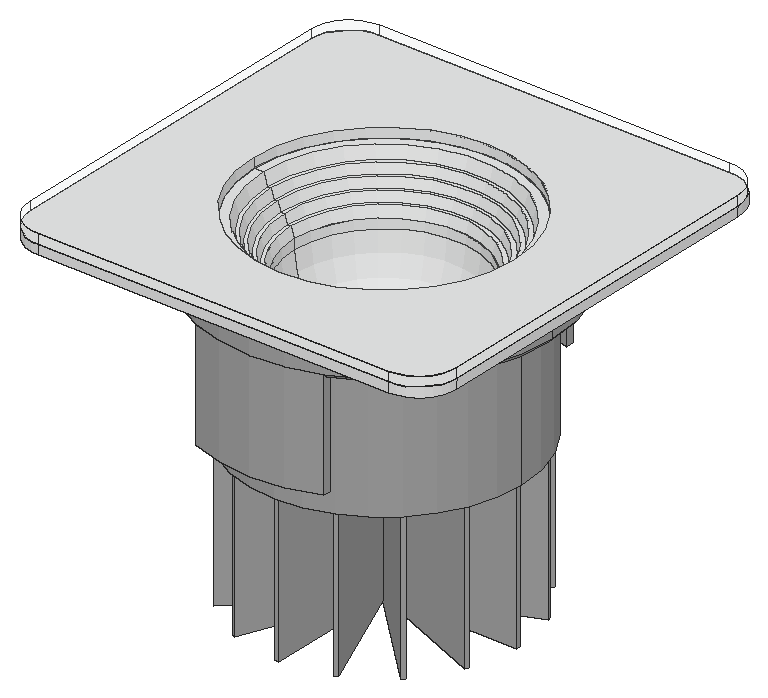
Revit family "Lighting_Fixture-Ceiling-Astro-Vetro_Squarexxx", category Lighting Fixtures, host Face, Revit 2014
Parameters (values of type "5668 Vetro Square")
  Width = 90.00 mm
  Weight = "0.4kg"
  Wattage Comments = "10w"
  Wattage = 9.2903 W
  built-in parameter 1150110 = 1 (stored number, unit not read)
  Voltage = 230 V
  URL = "www.astrolighting.co.uk"
  Type Comments = "Dimmable if a dimmable driver is used. Cutout size to fit: 80mm diameter. Leave 150mm void around the product. Not suitable for covering with insulation. Requires a 350mA constant current driver, not included."
  built-in parameter 1114217 = 1 (stored number, unit not read)
  Tilt Angle = 90.00°
  built-in parameter 1150109 = 1 (stored number, unit not read)
  built-in parameter 1150134 = 3
  built-in parameter 1150113 = 1 (stored number, unit not read)
  Suitable for bathroom zone = "Zones 1, 2 and 3"
  Product Documentation = "http://www.astrolighting.co.uk/products/led-lighting/downlights/5668_Vetro-Square"
  Photometric Web File = "5668 VETRO SINGLE SQUARE.ies"
  Number of Poles = 1
  Mountable on normally flammable surfaces = "Yes"
  Model = "5668 Vetro Square"
  Manufacturer = "Astro Lighting Ltd, CM20 2DP"
  built-in parameter 1150105 = 109.82 (stored number, unit not read)
  Lumens = 1380 lm
  Luminaire Lamp Efficiency Rating = "-A"
  built-in parameter 1150115 = 1 (stored number, unit not read)
  built-in parameter 1150137 = (empty or 0)
  built-in parameter 1150139 = (empty or 0)
  Length = 90.00 mm
  built-in parameter 1150112 = 1 (stored number, unit not read)
  built-in parameter 1150114 = 1 (stored number, unit not read)
  Lamp included = "Yes"
  Lamp = "LED"
  built-in parameter 1150132 = (empty or 0)
  built-in parameter 1150102 = (empty or 0)
  built-in parameter 1150107 = 3200 (stored number, unit not read)
  built-in parameter 1150138 = (empty or 0)
  built-in parameter 1150106 = 1.0982 (stored number, unit not read)
  IP Rating = "IP65"
  Energy Efficiency Rating = ""
  built-in parameter 1150104 = 13.8 (stored number, unit not read)
  Dimming Lamp Color Temperature Shift = <None>
  Dimmable = "Yes"
  Description = "Downlight"
  Default Elevation = 1219.20 mm
  Cutout Depth into Ceiling [instance] = 75.00 mm
  Color Filter = 16777215
  Class = 3
  Casing Material = Astro - Aluminium - White
  built-in parameter 1114218 = 1 (stored number, unit not read)
  built-in parameter 1150133 = 10 (stored number, unit not read)
  Manufacturer Contact = "01279 427001"
  Assembly Code = "D5020200"
  Apparent Load = 12.33 VA
Reference planes
  plane 1 "Center (Front/Back)": y = 0
  plane 2: z = 0
  plane 3 "Center (Left/Right)": x = 0
  plane 4 "Light Source Elevation": z = -26
  plane 5 "Left": x = -45
  plane 6 "Right": x = 45
  plane 7 "Front": y = 45
  plane 8 "Back": y = -45
  plane 9 "Bottom": z = 4
  plane 10 "Top": z = -71
  plane 11: z = 2
  plane 12: z = -33
  plane 13: z = -40
Forms (mm)
  Extrusion 1, solid, material "Astro - Glass - Clear"
    sketch origin (0, 1376.021, -26) x (0, 1, 0) y (-1, 0, 0)
      loop
        arc (-1331.021, 37) -> (-1333.364, 42.657) -> (-1339.021, 45) r 8
        line (-1339.021, 45) -> (-1413.021, 45)
        arc (-1413.021, 45) -> (-1418.678, 42.657) -> (-1421.021, 37) r 8
        line (-1421.021, 37) -> (-1421.021, -37)
        arc (-1421.021, -37) -> (-1418.678, -42.657) -> (-1413.021, -45) r 8
        line (-1413.021, -45) -> (-1339.021, -45)
        arc (-1339.021, -45) -> (-1333.364, -42.657) -> (-1331.021, -37) r 8
        line (-1331.021, -37) -> (-1331.021, 37)
    from 28 to 30
  Extrusion 2, void
    sketch origin (0, 0, 0) x (1, 0, 0) y (0, 1, 0)
      loop
        circle (0, 0) r 40
    from -75 to 0
  Extrusion 3, solid, material "Astro - Aluminium - White" <- "Casing Material"
    sketch origin (0, 0, 0) x (1, 0, 0) y (0, 1, 0)
      loop
        line (37, 45) -> (-37, 45)
        arc (-37, 45) -> (-42.657, 42.657) -> (-45, 37) r 8
        line (-45, 37) -> (-45, -37)
        arc (-45, -37) -> (-42.657, -42.657) -> (-37, -45) r 8
        line (-37, -45) -> (37, -45)
        arc (37, -45) -> (42.657, -42.657) -> (45, -37) r 8
        line (45, -37) -> (45, 37)
        arc (45, 37) -> (42.657, 42.657) -> (37, 45) r 8
      loop
        circle (0, 0) r 27.5
    from 0 to 2
  Revolve 4, solid, material "Astro - Aluminium - White" <- "Casing Material"
    sketch origin (0, 0, 0) x (1, 0, 0) y (0, 0, 1)
      loop
        line (-27.5, -0.9) -> (-26.25, -0.9) -> (-25.65, -2.8) -> (-24.85, -2.8) -> (-24.25, -4.7) -> (-23.45, -4.7) -> (-22.85, -6.6) -> (-22.05, -6.6) -> (-21.45, -8.5) -> (-20.65, -8.5) -> (-20.1, -10.4) -> (-19.059, -10.4) -> (-19.696, -8.199) -> (-20.496, -8.199) -> (-21.096, -6.299) -> (-21.896, -6.299) -> (-22.496, -4.399) -> (-23.296, -4.399) -> (-23.896, -2.499) -> (-24.696, -2.499) -> (-25.486, 0) -> (-27.5, 0) -> (-27.5, -0.9)
      axis (0, 0) -> (0, -10.4)
    angle from 0 to 360
  Revolve 5, solid, material "Astro - Aluminium - White" <- "Casing Material"
    sketch origin (0, 0, 0) x (1, 0, 0) y (0, 0, 1)
      loop
        line (-19.001, -10.427) -> (-21.874, -10.427) -> (-21.874, -12.08) -> (-19.964, -13.112)
        arc (-19.964, -13.112) -> (-17.734, -21.405) -> (-12.566, -28.263) r 22.559
        arc (-12.566, -28.263) -> (-10.784, -28.972) -> (-8.912, -29.383) r 11.849
        arc (-8.912, -29.383) -> (-8.161, -30.309) -> (-7.746, -31.427) r 3.683
        line (-7.746, -31.427) -> (0, -31.427) -> (0, -30.427) -> (-7, -30.427)
        arc (-7, -30.427) -> (-7.614, -29.325) -> (-8.5, -28.427) r 4.683
        arc (-8.5, -28.427) -> (-10.292, -28.074) -> (-12, -27.427) r 10.849
        arc (-12, -27.427) -> (-16.998, -20.625) -> (-19.001, -12.427) r 21.559
        line (-19.001, -12.427) -> (-19.001, -10.427)
      axis (0, -10.427) -> (0, -31.427)
    angle from 0 to 360
  Revolve 6, solid, material "Astro - Aluminium - Anodised"
    sketch origin (0, 0, 0) x (1, 0, 0) y (0, 0, 1)
      loop
        line (-29, 0) -> (-29, -40) -> (0, -40) -> (0, -39) -> (-27.5, -39) -> (-27.5, 0) -> (-29, 0)
      loop
        line (-34, -11) -> (-34, 0) -> (-35.5, 0) -> (-35.5, -10.166) -> (-34.8, -11) -> (-34, -11)
      axis (0, -40) -> (0, 0)
    angle from 0 to 360
  Extrusion 7, solid, material "Astro - Aluminium - Anodised"
    sketch origin (0, 1376.021, -71) x (0, 1, 0) y (-1, 0, 0)
      loop
        line (-1347.721, 0.4) -> (-1374.01, 0.4) -> (-1349.722, 10.46) -> (-1350.028, 11.199) -> (-1374.316, 1.139) -> (-1355.727, 19.728) -> (-1356.293, 20.294) -> (-1374.882, 1.705) -> (-1364.822, 25.993) -> (-1365.561, 26.299) -> (-1375.621, 2.011) -> (-1375.621, 28.3) -> (-1376.421, 28.3) -> (-1376.421, 2.011) -> (-1386.482, 26.299) -> (-1387.221, 25.993) -> (-1377.16, 1.705) -> (-1395.749, 20.294) -> (-1396.315, 19.728) -> (-1377.726, 1.139) -> (-1402.014, 11.199) -> (-1402.32, 10.46) -> (-1378.032, 0.4) -> (-1404.321, 0.4) -> (-1404.321, -0.4) -> (-1378.032, -0.4) -> (-1402.32, -10.46) -> (-1402.014, -11.199) -> (-1377.726, -1.139) -> (-1396.315, -19.728) -> (-1395.749, -20.294) -> (-1377.16, -1.705) -> (-1387.221, -25.993) -> (-1386.482, -26.299) -> (-1376.421, -2.011) -> (-1376.421, -28.3) -> (-1375.621, -28.3) -> (-1375.621, -2.011) -> (-1365.561, -26.299) -> (-1364.822, -25.993) -> (-1374.882, -1.705) -> (-1356.293, -20.294) -> (-1355.727, -19.728) -> (-1374.316, -1.139) -> (-1350.028, -11.199) -> (-1349.722, -10.46) -> (-1374.01, -0.4) -> (-1347.721, -0.4) -> (-1347.721, 0.4)
    from 0 to 31
  Extrusion 8, solid, material "Astro - Aluminium - Anodised"
    sketch origin (-62.387, -4572, -33) x (-1, 0, 0) y (0, -1, 0)
      loop
        line (-75.887, -4539.167) -> (-75.887, -4540.795)
        arc (-75.887, -4540.795) -> (-62.387, -4538) -> (-48.887, -4540.795) r 34
        line (-48.887, -4540.795) -> (-48.887, -4539.167)
        arc (-48.887, -4539.167) -> (-62.387, -4536.5) -> (-75.887, -4539.167) r 35.5
      loop
        arc (-48.887, -4603.205) -> (-62.387, -4606) -> (-75.887, -4603.205) r 34
        line (-75.887, -4603.205) -> (-75.887, -4604.833)
        arc (-75.887, -4604.833) -> (-62.387, -4607.5) -> (-48.887, -4604.833) r 35.5
        line (-48.887, -4604.833) -> (-48.887, -4603.205)
    from 0 to 33
Cuts and joins
  joined: Revolve 6, Extrusion 8
Dimensions and locks
  equal spacing: plane 5 "Left", plane 3 "Center (Left/Right)", plane 6 "Right"
  "Length": plane 5 "Left" to plane 6 "Right"
  equal spacing: plane 7 "Front", plane 1 "Center (Front/Back)", plane 8 "Back"
  "Width": plane 7 "Front" to plane 8 "Back"
  plane 9 "Bottom" to plane 2 = 4.00 mm
  plane 2 to plane 10 "Top" = 71.00 mm  (x2)
  locked: plane 11 to plane 2 at 2
  equal spacing: Extrusion 1 sketch curve, plane 3 "Center (Left/Right)", Extrusion 1 sketch curve  (x2)
  locked: Extrusion 1 sketch curve to Extrusion 1 sketch curve at 74  (x4)
  equal spacing: Extrusion 1 sketch curve, plane 1 "Center (Front/Back)", Extrusion 1 sketch curve  (x2)
  locked: plane 2 to plane 12 at 33
  locked: plane 2 to plane 13 at 40
  "Cutout Depth into Ceiling": plane 2 to Extrusion 2
  locked: plane 4 "Light Source Elevation" to plane 10 "Top" at 45
  locked: plane 9 "Bottom" to plane 2 at 4
  aligned and locked: plane 2 to host face
  aligned and locked: level to host face
  aligned and locked: plane 3 "Center (Left/Right)" to imposter light
  aligned and locked: plane 4 "Light Source Elevation" to imposter light
  aligned and locked: Extrusion 1 sketch curve to plane 6 "Right"
  aligned and locked: Extrusion 1 sketch curve to plane 8 "Back"
  aligned and locked: Extrusion 1 sketch curve to plane 5 "Left"
  aligned and locked: Extrusion 1 to plane 11
  aligned and locked: Extrusion 3 sketch curve to Extrusion 1  (x4)
  aligned and locked: plane 3 "Center (Left/Right)" to Extrusion 3 sketch curve
  aligned and locked: plane 1 "Center (Front/Back)" to Extrusion 3 sketch curve
  aligned and locked: Extrusion 3 to plane 2
  aligned and locked: plane 11 to Extrusion 3
  aligned and locked: Revolve 4 sketch curve to plane 3 "Center (Left/Right)"
  aligned and locked: Revolve 5 sketch curve to plane 3 "Center (Left/Right)"
  aligned and locked: Revolve 6 sketch curve to Extrusion 2
  aligned and locked: Revolve 6 sketch curve to plane 3 "Center (Left/Right)"
  aligned and locked: plane 13 to Revolve 6 sketch curve
  aligned and locked: plane 1 "Center (Front/Back)" to Extrusion 8 sketch curve  (x4)
  aligned and locked: plane 3 "Center (Left/Right)" to Extrusion 8 sketch curve  (x4)
  aligned and locked: plane 2 to Extrusion 8
  aligned and locked: Extrusion 8 to plane 12
  aligned and locked: plane 13 to Extrusion 7
  aligned and locked: Extrusion 7 to plane 10 "Top"
  aligned and locked: plane 2 to Extrusion 2
  aligned and locked: imposter light to plane 1 "Center (Front/Back)"
  aligned and locked: plane 9 "Bottom" to Extrusion 1
Automatic sketch dimensions
  host sketch curve to host sketch curve = 190.522 mm
  host sketch curve to host sketch curve = 181.412 mm
  plane 1 "Center (Front/Back)" to Extrusion 2 sketch curve = 0.00 mm
  Extrusion 2 sketch curve to plane 3 "Center (Left/Right)" = 0.00 mm
  Revolve 4 sketch curve to level = 0.00 mm
  Revolve 4 sketch curve to plane 3 "Center (Left/Right)" = 19.059 mm
  Revolve 4 sketch curve to level = 8.199 mm
  Revolve 4 sketch curve to Revolve 4 sketch curve = 0.637 mm
  Revolve 4 sketch curve to Revolve 4 sketch curve = 1.041 mm
  Revolve 4 sketch curve to Revolve 4 sketch curve = 0.80 mm  (x8)
  Revolve 4 sketch curve to Revolve 4 sketch curve = 0.154 mm  (x4)
  Revolve 4 sketch curve to Revolve 4 sketch curve = 0.60 mm  (x3)
  Revolve 4 sketch curve to level = 8.50 mm
  Revolve 4 sketch curve to level = 6.60 mm
  Revolve 4 sketch curve to level = 4.399 mm
  Revolve 4 sketch curve to level = 2.499 mm
  Revolve 4 sketch curve to level = 4.70 mm
  Revolve 4 sketch curve to Revolve 4 sketch curve = 0.789 mm
  Revolve 4 sketch curve to level = 0.90 mm
  Revolve 4 sketch curve to Revolve 4 sketch curve = 0.764 mm
  Revolve 4 sketch curve to Revolve 4 sketch curve = 1.25 mm
  Revolve 4 sketch curve to Revolve 4 sketch curve = 1.90 mm
  Revolve 4 sketch curve to Revolve 4 sketch curve = 0.301 mm  (x2)
  Revolve 4 sketch curve to level = 20.00 mm
  plane 9 "Bottom" to Revolve 4 sketch curve = 11.00 mm
  Revolve 5 sketch curve to Revolve 5 sketch curve = 0.00 mm  (x6)
  Revolve 5 sketch curve to plane 3 "Center (Left/Right)" = 0.00 mm
  Revolve 5 sketch curve to Revolve 5 sketch curve = 7.00 mm
  Revolve 5 sketch curve to plane 3 "Center (Left/Right)" = 7.312 mm
  Revolve 5 sketch curve to Revolve 5 sketch curve = 0.746 mm
  Revolve 5 sketch curve to Revolve 5 sketch curve = 3.615 mm
  Revolve 5 sketch curve to Revolve 5 sketch curve = 11.69 mm
  Revolve 5 sketch curve to level = 13.112 mm
  Revolve 5 sketch curve to Revolve 5 sketch curve = 0.962 mm
  Revolve 5 sketch curve to Revolve 5 sketch curve = 2.872 mm
  plane 3 "Center (Left/Right)" to Revolve 5 sketch curve = 2.538 mm
  Revolve 5 sketch curve to Revolve 5 sketch curve = 4.531 mm
  Revolve 5 sketch curve to Revolve 5 sketch curve = 12.784 mm
  Revolve 5 sketch curve to Revolve 5 sketch curve = 1.00 mm
  Revolve 5 sketch curve to Revolve 5 sketch curve = 0.708 mm
  Revolve 5 sketch curve to Revolve 5 sketch curve = 0.685 mm
  Revolve 5 sketch curve to Revolve 5 sketch curve = 1.031 mm
  Revolve 5 sketch curve to level = 11.507 mm
  Revolve 5 sketch curve to Revolve 5 sketch curve = 2.00 mm
  Revolve 5 sketch curve to Revolve 5 sketch curve = 1.50 mm
  Revolve 5 sketch curve to Revolve 5 sketch curve = 0.412 mm
  Revolve 5 sketch curve to Revolve 5 sketch curve = 5.00 mm
  plane 10 "Top" to Revolve 5 sketch curve = 12.189 mm
  Revolve 6 sketch curve to level = 0.00 mm  (x2)
  Revolve 6 sketch curve to plane 3 "Center (Left/Right)" = 0.00 mm
  plane 5 "Left" to Revolve 6 sketch curve = 17.50 mm
  Revolve 6 sketch curve to Revolve 6 sketch curve = 1.50 mm  (x2)
  Revolve 6 sketch curve to Revolve 6 sketch curve = 5.00 mm  (x2)
  Revolve 6 sketch curve to Revolve 6 sketch curve = 0.80 mm
  Revolve 6 sketch curve to Revolve 6 sketch curve = 1.00 mm
  Revolve 6 sketch curve to level = 11.00 mm
  Revolve 6 sketch curve to Revolve 6 sketch curve = 0.834 mm
  plane 8 "Back" to Extrusion 7 sketch curve = 16.70 mm
  Extrusion 7 sketch curve to Extrusion 7 sketch curve = 2.001 mm  (x5)
  plane 5 "Left" to Extrusion 7 sketch curve = 56.199 mm
  Extrusion 7 sketch curve to Extrusion 7 sketch curve = 0.306 mm  (x10)
  plane 5 "Left" to Extrusion 7 sketch curve = 33.801 mm
  Extrusion 7 sketch curve to Extrusion 7 sketch curve = 5.699 mm  (x5)
  plane 5 "Left" to Extrusion 7 sketch curve = 65.294 mm
  Extrusion 7 sketch curve to Extrusion 7 sketch curve = 0.566 mm  (x10)
  Extrusion 7 sketch curve to Extrusion 7 sketch curve = 8.529 mm  (x5)
  Extrusion 7 sketch curve to Extrusion 7 sketch curve = 0.739 mm  (x9)
  plane 5 "Left" to Extrusion 7 sketch curve = 71.299 mm
  Extrusion 7 sketch curve to Extrusion 7 sketch curve = 26.289 mm
  Extrusion 7 sketch curve to Extrusion 7 sketch curve = 0.00 mm  (x3)
  Extrusion 7 sketch curve to Extrusion 7 sketch curve = 0.80 mm  (x3)
  Extrusion 7 sketch curve to Extrusion 7 sketch curve = 10.06 mm  (x2)
  plane 5 "Left" to Extrusion 7 sketch curve = 70.993 mm
  Extrusion 7 sketch curve to plane 1 "Center (Front/Back)" = 0.40 mm
  plane 8 "Back" to Extrusion 8 sketch curve = 77.833 mm
  Extrusion 8 sketch curve to Extrusion 8 sketch curve = 0.00 mm
  Extrusion 8 sketch curve to Extrusion 8 sketch curve = 13.50 mm
  Extrusion 8 sketch curve to Extrusion 8 sketch curve = 27.00 mm  (x2)
  Extrusion 8 sketch curve to Extrusion 8 sketch curve = 31.205 mm  (x2)
  Extrusion 8 sketch curve to Extrusion 8 sketch curve = 1.628 mm
  radius of Extrusion 2 sketch curve = 40.00 mm
  radius of Extrusion 3 sketch curve = 27.50 mm
Connectors
  electrical at (0, 0, -71), driven by "Number of Poles", driven by "Voltage", driven by "Apparent Load"
    settings: on Extrusion 7, index 1, voltage 230 V, apparent load 0 VA, apparent load phase1 12.33 VA, apparent load phase2 0 VA, apparent load phase3 0 VA, power factor 1, load classification "Other", number of poles 1, system type 31, power factor state 1, is connector primary yes, connector utility no, sub classification motor no, connector description ""
